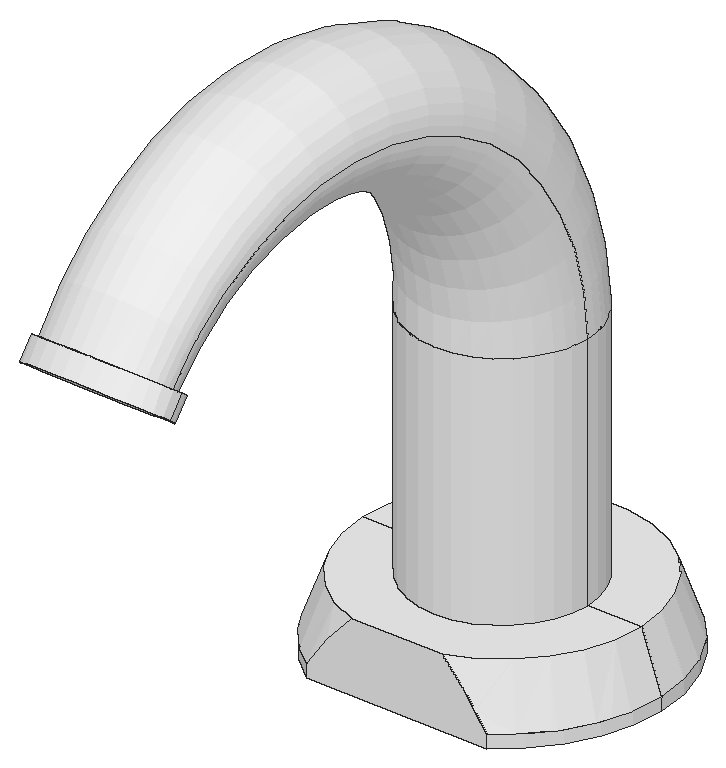
Revit family "Deca_Torneira con Sensor Decalux -Bateria_1183.C_Mesa Bica Alta", category Plumbing Fixtures, host Face, Revit 2013
Parameters (values of type "1183.C_Cromado CR10")
  Vendido Separadamente = " Ligação Flexível: 30 cm (4607.C.030), 40 cm (4607.C.040), 50 cm (4607.C.050)."  # constant formula
  Variações de COR = "Cromado (1183.C)."  # constant formula
  URL = "www.deca.com.br/produtos"
  Torneira = Deca CR10 Cromado Metal
  Segmento = "Médio"  # constant formula
  Raio Água Fria = 7.5 mm  # constant formula
  Produto = "Torneira mesa bica alta c/ sensor Decalux  - Bateria"  # constant formula
  Pressão = "2 A 40 mca"  # constant formula
  Peso Liquido (Kg) = 1.61
  Norma = "ABNT NBR 10283: 2003"  # constant formula
  Model = Código  # "1183.C"
  Material = "Deca_Latão Cromado e Plástico de Engenharia"  # constant formula
  Manufacturer = "Deca"  # constant formula
  Louça/Metais = "Metal"  # constant formula
  Linha = "Decalux"  # constant formula
  Informações Complementares = "Possui arejador de vazão constante 6 L/min"  # constant formula
  Flow Pressure = 0.00 psi
  Diâmetro Água Fria = Raio Água Fria * 2  # 15 mm
  Description = "Torneira eletrônica acionamento com sensor - bateria"  # constant formula
  Default Elevation = 0 mm
  Código = "1183.C"  # constant formula
  Criado por = "Contino/quattroD"  # constant formula
  Consumo = "6 L/min"  # constant formula
  CWFU = 0
  Atendimento ao Cliente = "0800-0117073"  # constant formula
  Assembly Code = "D2020"
  Aprovado por = "Contino/quattroD"  # constant formula
  Acompanha o Produto = ""
Reference planes
  plane 1 "Center (Front/Back)": y = 0
  plane 2: z = 0
  plane 3 "Center (Left/Right)": x = 0
  plane 4 "Right 1": x = 37.395
  plane 5 "Left 1": x = -37.395
  plane 6 "Back 1": y = 37.395
  plane 7 "Front 1": y = -129.862
  plane 8 "Top 1": z = 152.037
Forms (mm)
  Revolve 1, solid, material "Deca CR10 Cromado Metal" <- "Torneira"
    sketch origin (0, 0, 0) x (1, 0, 0) y (0, 0, 1)
      loop
        line (-37.395, 0) -> (0, 0) -> (0, 16.06) -> (-32.65, 16.06) -> (-37.395, 3.023) -> (-37.395, 0)
      axis (0, 16.06) -> (0, 0)
    angle from 0 to 360
  SweptBlend 2, solid, material "Deca CR10 Cromado Metal" <- "Torneira"
    path origin (0, 10.838, 4.412) x (0, 0.996913, 0.078513) y (0, -0.078513, 0.996913)
      loop
        arc (-117.467, 115.402) -> (-44.462, 132.272) -> (-5.496, 68.272) r 63.987
    profile origin (0, -115.327, 110.235) x (0, -0.80233, 0.59688) y (1, 0, 0)
      loop
        spline (0, -15) -> (2.588, -14.489) -> (5, -12.99) -> (7.071, -10.607) -> (8.66, -7.5) -> (9.659, -3.882) -> (10, 0) -> (9.659, 3.882) -> (8.66, 7.5) -> (7.071, 10.607) -> (5, 12.99) -> (2.588, 14.489) -> (0, 15)
        spline (0, 15) -> (-2.588, 14.489) -> (-5, 12.99) -> (-7.071, 10.607) -> (-8.66, 7.5) -> (-9.659, 3.882) -> (-10, 0) -> (-9.659, -3.882) -> (-8.66, -7.5) -> (-7.071, -10.607) -> (-5, -12.99) -> (-2.588, -14.489) -> (0, -15)
    end profile origin (0, -0.001, 72.042) x (1, 0, 0) y (0, 1, 0)
      loop
        circle (0, 0) r 20
  Extrusion 3, solid, material "Deca CR10 Cromado Metal" <- "Torneira"
    sketch origin (-5.937, -71.449, -48.153) x (1, 0, 0) y (0, 0.801162, -0.598447)
      loop
        spline (-10.961, -129.895) -> (-10.381, -132.484) -> (-8.683, -134.895) -> (-5.981, -136.967) -> (-2.461, -138.556) -> (1.64, -139.555) -> (6.039, -139.895) -> (10.439, -139.555) -> (14.539, -138.556) -> (18.06, -136.967) -> (20.762, -134.895) -> (22.46, -132.484) -> (23.039, -129.895)
        spline (23.039, -129.895) -> (22.46, -127.307) -> (20.762, -124.895) -> (18.06, -122.824) -> (14.539, -121.235) -> (10.439, -120.236) -> (6.039, -119.895) -> (1.64, -120.236) -> (-2.461, -121.235) -> (-5.981, -122.824) -> (-8.683, -124.895) -> (-10.381, -127.307) -> (-10.961, -129.895)
    from 95.12 to 100.617
  Extrusion 4, solid, material "Deca CR10 Cromado Metal" <- "Torneira"
    sketch origin (0, 2.5, 0) x (1, 0, 0) y (0, 1, 0)
      loop
        circle (0, -2.5) r 20
    from 16.06 to 72.042
  Extrusion 5, void
    sketch origin (0, 0, 0) x (0, 1, 0) y (0, 0, 1)
      loop
        line (-30.912, 16.06) -> (-38.454, 16.06) -> (-38.454, 0) -> (-30.912, 0) -> (-30.912, 16.06)
    from -25.098 to 24.646
Cuts and joins
  Extrusion 5 cuts Revolve 1
Lines and regions (mm)
  Masking region 1
    outline origin (0, 0, 0) x (1, 0, 0) y (0, 1, 0)
      loop
        arc (21.041, -30.914) -> (0, 37.395) -> (-21.041, -30.914) r 37.395
        line (-21.041, -30.914) -> (-20.199, -30.914) -> (-20.199, -116.543)
        spline (-20.199, -116.543) -> (-19.511, -119.991) -> (-17.493, -123.203) -> (-14.283, -125.962) -> (-10.099, -128.078) -> (-5.228, -129.409) -> (0, -129.863) -> (5.228, -129.409) -> (10.099, -128.078) -> (14.283, -125.962) -> (17.493, -123.203) -> (19.511, -119.991) -> (20.199, -116.543)
        line (20.199, -116.543) -> (20.199, -30.914) -> (21.041, -30.914)
  Masking region 2
    outline origin (0, 0, 0) x (1, 0, 0) y (0, 0, 1)
      loop
        line (-32.369, 16.06) -> (-37.395, 2.992) -> (-37.395, 0) -> (0, 0) -> (37.395, 0) -> (37.395, 2.992) -> (32.369, 16.06) -> (21, 16.06) -> (20.103, 140.297)
        arc (20.103, 140.297) -> (19.572, 142.656) -> (18.107, 144.579) r 5.678
        arc (18.107, 144.579) -> (9.8, 150.121) -> (0, 152.037) r 25.425
        arc (0, 152.037) -> (-9.8, 150.121) -> (-18.107, 144.579) r 25.425
        arc (-18.107, 144.579) -> (-19.572, 142.656) -> (-20.103, 140.297) r 5.678
        line (-20.103, 140.297) -> (-21, 16.06) -> (-32.369, 16.06)
  Masking region 3
    outline origin (0, 0, 0) x (0, 1, 0) y (0, 0, 1)
      loop
        line (37.395, 0) -> (37.395, 2.995) -> (32.37, 16.06) -> (21.001, 16.06) -> (19.972, 67.337)
        arc (19.972, 67.337) -> (-4.836, 127.229) -> (-64.728, 152.037) r 84.7
        arc (-64.728, 152.037) -> (-102.109, 142.091) -> (-129.603, 114.883) r 75.217
        line (-129.603, 114.883) -> (-125.821, 114.216) -> (-126.927, 113.655) -> (-127.169, 112.174) -> (-128.649, 112.417) -> (-129.861, 105.015) -> (-103.216, 100.652) -> (-102.004, 108.053) -> (-103.484, 108.296) -> (-103.224, 109.773) -> (-103.781, 110.33) -> (-102.242, 110.059)
        arc (-102.242, 110.059) -> (-44.233, 122.151) -> (-20.091, 68.036) r 47.215
        line (-20.091, 68.036) -> (-20.999, 16.06) -> (-30.912, 16.06) -> (-30.912, 13) -> (-31.999, 13)
        arc (-31.999, 13) -> (-33.499, 7) -> (-31.999, 1) r 12.75
        line (-31.999, 1) -> (-30.912, 1) -> (-30.912, 0) -> (37.395, 0)
  symbolic lines
    curve 1: arc (20.211, -25.284, 0) -> (0, 32.369, 0) -> (-20.211, -25.284, 0) r 32.369
    curve 2: line (-20.231, -0.016, 0) -> (-20.206, -30.914, 0)
    curve 3: line (20.231, -0.016, 0) -> (20.206, -30.914, 0)
    curve 4: arc (-20.231, -0.016, 0) -> (0, 20.215, 0) -> (20.231, -0.016, 0) r 20.231
    curve 5: line (21, 0, 16.06) -> (-21, 0, 16.06)
    curve 6: line (-37.395, 0, 2.992) -> (-21.041, 0, 2.992)
    curve 7: line (-9.596, 0, 16.06) -> (-21.041, 0, 2.992)
    curve 8: line (-21.041, 0, 2.992) -> (-21.041, 0, 0)
    curve 9: circle (-9, 0, 7) r 6 normal (0, -1, 0)
    curve 10: circle (9, 0, 7) r 6 normal (0, -1, 0)
    curve 11: line (21.041, 0, 2.992) -> (37.395, 0, 2.992)
    curve 12: line (21.041, 0, 2.992) -> (9.636, 0, 16.06)
    curve 13: line (21.041, 0, 0) -> (21.041, 0, 2.992)
    curve 14: spline (20.373, 0, 102.881) -> (19.679, 0, 103.433) -> (17.644, 0, 103.948) -> (14.406, 0, 104.39) -> (10.187, 0, 104.729) -> (5.273, 0, 104.942) -> (0, 0, 105.015) -> (-5.273, 0, 104.942) -> (-10.187, 0, 104.729) -> (-14.406, 0, 104.39) -> (-17.644, 0, 103.948) -> (-19.679, 0, 103.433) -> (-20.373, 0, 102.881) -> (-19.679, 0, 102.328) -> (-17.644, 0, 101.813) -> (-14.406, 0, 101.371) -> (-10.187, 0, 101.032) -> (-5.273, 0, 100.819) -> (0, 0, 100.746) -> (5.273, 0, 100.819) -> (10.187, 0, 101.032) -> (14.406, 0, 101.371) -> (17.644, 0, 101.813) -> (19.679, 0, 102.328) -> (20.373, 0, 102.881)
    curve 15: spline (-20.304, 0, 112.472) -> (-19.612, 0, 113.154) -> (-17.584, 0, 113.79) -> (-14.357, 0, 114.336) -> (-10.152, 0, 114.755) -> (-5.255, 0, 115.018) -> (0, 0, 115.108) -> (5.255, 0, 115.018) -> (10.152, 0, 114.755) -> (14.357, 0, 114.336) -> (17.584, 0, 113.79) -> (19.612, 0, 113.154) -> (20.304, 0, 112.472)
    curve 16: spline (-20.32, 0, 110.235) -> (-19.628, 0, 110.826) -> (-17.598, 0, 111.377) -> (-14.369, 0, 111.85) -> (-10.16, 0, 112.213) -> (-5.259, 0, 112.441) -> (0, 0, 112.519) -> (5.259, 0, 112.441) -> (10.16, 0, 112.213) -> (14.369, 0, 111.85) -> (17.598, 0, 111.377) -> (19.628, 0, 110.826) -> (20.32, 0, 110.235)
    curve 17: line (0, -20.999, 16.06) -> (0, 21.001, 16.06)
    curve 18: line (0, -30.912, 2.992) -> (0, 37.395, 2.992)
    curve 19: line (0, -30.912, 13) -> (0, -30.912, 1)
    curve 20: line (0, -31.999, 1) -> (0, -31.999, 13)
    curve 21: line (0, -125.821, 114.217) -> (0, -103.781, 110.33)
    curve 22: line (0, -103.484, 108.296) -> (0, -127.169, 112.174)
Dimensions and locks
  plane 5 "Left 1" to plane 4 "Right 1" = 74.791 mm  (x2)
  plane 8 "Top 1" to host face = 152.037 mm  (x2)
  plane 7 "Front 1" to plane 1 "Center (Front/Back)" = 129.862 mm  (x2)
  plane 6 "Back 1" to plane 7 "Front 1" = 167.257 mm
  plane 7 "Front 1" to plane 6 "Back 1" = 167.257 mm
  aligned and locked: host face to plane 2
  aligned and locked: level to host face
Connectors
  piping at (0, 0, 0), driven by "Raio Água Fria", driven by "Flow Pressure", driven by "CWFU"
    settings: on Revolve 1, index 1, connector radius 0.29528", flow factor 0, pipe flow 0 GPM, pressure drop 0.00 psi, fitting loss kfactor 0, connector angle 0.00°, fixture units 0, engagement length 0 mm, flow configuration 3, flow direction 1, fitting loss method 4, system type 20, joint type 0, gender type 0, connector reference index -1, connector utility 0, adjustable connector no, is connector primary yes, fitting loss table "", connector description ""
